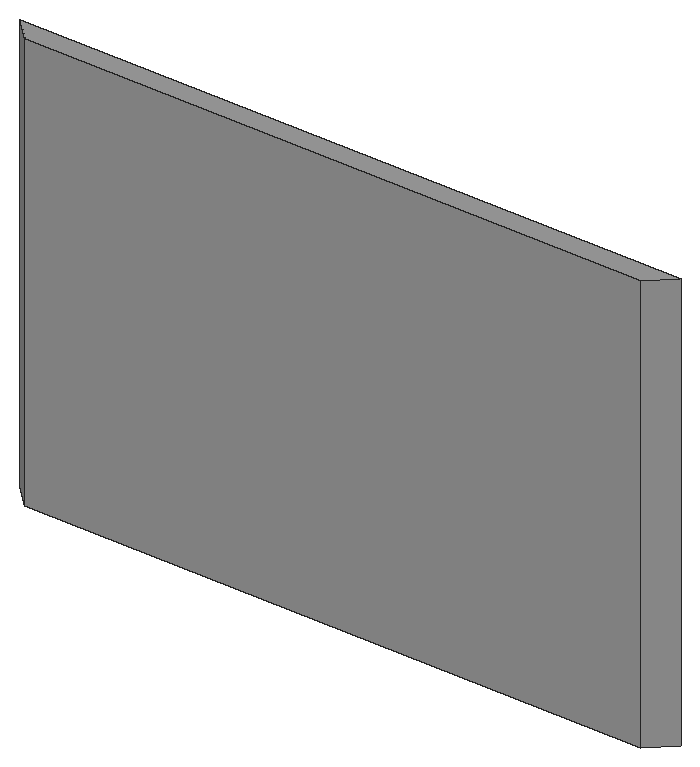
Revit family
Parameters (values of type "Lastra lapidea")
  spessore blocco [instance] = 50 mm
  risega blocco superiore [instance] = 180 mm
  risega blocco inferiore [instance] = 90 mm
  risega blocco [instance] = 117 mm
  posizione taglio 45° dx [instance] = 1450 mm
  posizione taglio 45° [instance] = 1450 mm
  lunghezza taglio [instance] = 1000 mm
  larghezza blocco sx [instance] = 750 mm
  larghezza blocco dx [instance] = 750 mm
  larghezza blocco [instance] = 250 mm
  angolo dx [instance] = 45.00°
  angolo [instance] = 45.00°
  altezza blocco [instance] = 950 mm
  Assembly Code = ""
Types (2): name
  Gasbeton con risega
  Lastra lapidea
Reference planes
  plane 1 "Centro (Fronte/Retro)": y = 0
  plane 2: z = 0
  plane 3 "Centro (Sinistra/Destra)": x = 0
  plane 4 "Sinistra": x = -750
  plane 5 "Destra": x = 750
  plane 6 "SUP": z = 4000
  plane 7: y = 50
  plane 8: z = 950
  plane 9: z = 810
  plane 10: z = 90
  plane 11: y = 25
  plane 12: x = 700
  plane 13: x = -700
  plane 14: x = -1450
  plane 15: x = 1450
Forms (mm)
  Extrusion 1, solid, material "Lastra lapidea"
    sketch origin (0, 0, 0) x (1, 0, 0) y (0, 1, 0)
      loop
        line (-750, 50) -> (-750, 0) -> (750, 0) -> (750, 50) -> (-750, 50)
    from 0 to 950
  Extrusion 2, void
    sketch origin (0, 0, 0) x (1, 0, 0) y (0, 1, 0)
      loop
        line (-700, 0) -> (-1450, 750) -> (-1450, -50) -> (-700, -50) -> (-700, 0)
    from 0 to 1000
  Extrusion 3, void
    sketch origin (0, 0, 0) x (1, 0, 0) y (0, 1, 0)
      loop
        line (700, 0) -> (700, -80) -> (1450, -80) -> (1450, 750) -> (700, 0)
    from 0 to 1000
Cuts and joins
  Extrusion 2, Extrusion 3 cuts Extrusion 1
Text (mm)
  text "Esterno" at (-2351.972, 1416.179, 0), in view "Livello rif."
  text "Esterno" at (0, 2290.741, 4406.713), in view "Sinistra"
  text "Esterno" at (0, 1328.187, 4120.349), in view "Destra"
Dimensions and locks
  "spessore blocco": plane 1 "Centro (Fronte/Retro)" to plane 7
  "altezza blocco": plane 8 to level
  equal spacing: plane 7, plane 11, plane 1 "Centro (Fronte/Retro)"
  "larghezza blocco sx": plane 4 "Sinistra" to plane 3 "Centro (Sinistra/Destra)"
  "larghezza blocco dx": plane 3 "Centro (Sinistra/Destra)" to plane 5 "Destra"
  equal spacing: plane 4 "Sinistra", plane 3 "Centro (Sinistra/Destra)", plane 5 "Destra"
  "posizione taglio 45°": plane 14 to plane 3 "Centro (Sinistra/Destra)"
  "posizione taglio 45° dx": plane 3 "Centro (Sinistra/Destra)" to plane 15
  locked: plane 14 to plane 13 at 750
  locked: plane 12 to plane 15 at 750
  aligned and locked: plane 8 to Extrusion 1
Automatic sketch dimensions
  Extrusion 1 sketch curve to plane 1 "Centro (Fronte/Retro)" = 0 mm
  Extrusion 1 sketch curve to plane 4 "Sinistra" = 0 mm
  Extrusion 1 sketch curve to plane 5 "Destra" = 0 mm
  Extrusion 1 sketch curve to plane 7 = 0 mm
  Extrusion 2 sketch curve to plane 14 = 0 mm
  Extrusion 2 sketch curve to plane 13 = 0 mm
  Extrusion 2 sketch curve to plane 1 "Centro (Fronte/Retro)" = 0 mm
  Extrusion 2 sketch curve to Extrusion 2 sketch curve = 50 mm
  plane 7 to Extrusion 2 sketch curve = 700 mm
  Extrusion 3 sketch curve to plane 12 = 0 mm
  Extrusion 3 sketch curve to plane 15 = 0 mm
  Extrusion 3 sketch curve to plane 1 "Centro (Fronte/Retro)" = 0 mm
  plane 1 "Centro (Fronte/Retro)" to Extrusion 3 sketch curve = 80 mm
  plane 7 to Extrusion 3 sketch curve = 700 mm
